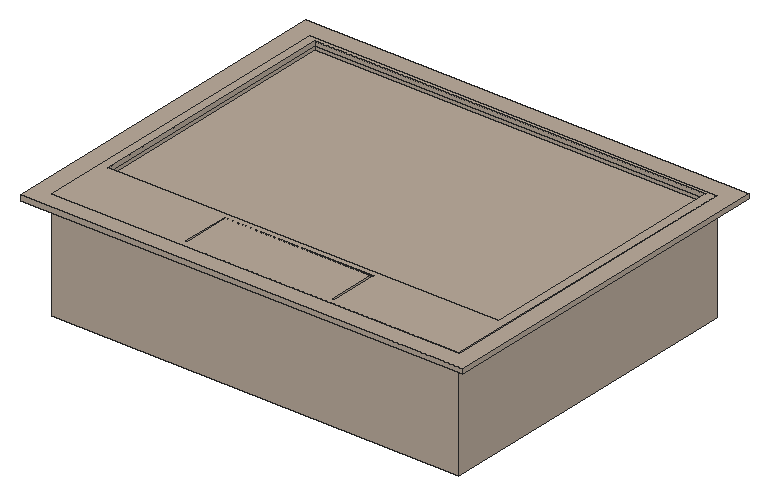
Revit family "Geräteeinsätze GES_Geräteeinsatz_GES6_mit_Rastschieber", category Generic Models, Revit 2015
Parameters (values of type "GES6-2U10T 1019")
  Width 2 = 199 mm
  Width = 274 mm
  URL = "http://www.obo-bettermann.com"
  Snur width = 90 mm
  Material = Plastic RAL 1019
  Manufacturer Art. No. = "7405323"
  Manufacturer = "OBO Bettermann"
  Inner cut2 = 16 mm
  Inner cut = 13 mm
  Height = 65 mm
  GTIN = "4012195883630"
  Article Type = "GES6-2U10T 1019"
Types (4, lengths in mm): name | Material | Manufacturer Art. No. | GTIN | Article Type
  (no name) | Plastic RAL 1019 | "7405323" | "4012195883630" | "GES6-2U10T 1019"
  GES6-2U10T 9011 | Plastic RAL 9011 | "7405322" | "4012195883623" | "GES6-2U10T 9011"
  GES6-2U10T 7011 | Plastic RAL 7011 | "7405321" | "4012195883616" | "GES6-2U10T 7011"
  GES6-2U10T 1019 | Plastic RAL 1019 | "7405323" | "4012195883630" | "GES6-2U10T 1019"
Reference planes
  plane 1 "Center (Front/Back)": y = 0
  plane 2: z = 0
  plane 3 "Center (Left/Right)": x = 0
  plane 4: z = -65
  plane 5: x = -137
  plane 6: x = 137
  plane 7: y = 110.5
  plane 8: y = -110.5
  plane 9: z = 3
  plane 10: y = 99.5
  plane 11: y = -99.5
  plane 12: x = -126
  plane 13: x = 126
  plane 14: y = -63
  plane 15: y = 97.5
  plane 16: x = -121
  plane 17: x = 121
  plane 18: z = -2
  plane 19: x = -124
  plane 20: x = 124
  plane 21: y = -83.5
  plane 22: y = 83.5
  plane 23: z = -9
  plane 24: x = -45
  plane 25: x = 45
  plane 26: y = -67.377
  plane 27: x = -46
  plane 28: y = -66
  plane 29: x = 46
  plane 30: y = -96
Forms (mm)
  Extrusion 1, solid, material "Plastic RAL 1019" <- "Material"
    sketch origin (0, 0, 0) x (1, 0, 0) y (0, 1, 0)
      loop
        line (-137, 110.5) -> (-137, -110.5) -> (137, -110.5) -> (137, 110.5) -> (-137, 110.5)
    from 3 to 0
  Extrusion 2, solid, material "Plastic RAL 1019" <- "Material"
    sketch origin (0, 0, 0) x (1, 0, 0) y (0, 1, 0)
      loop
        line (-126, 99.5) -> (-126, -99.5) -> (126, -99.5) -> (126, 99.5) -> (-126, 99.5)
    from -65 to 3
  Extrusion 3, void
    sketch origin (0, 0, 0) x (1, 0, 0) y (0, 1, 0)
      loop
        line (-121, 97.5) -> (-121, -63) -> (121, -63) -> (121, 97.5) -> (-121, 97.5)
    from -2 to 3
  Extrusion 4, void
    sketch origin (0, 0, 0) x (1, 0, 0) y (0, 1, 0)
      loop
        line (124, 83.5) -> (-124, 83.5) -> (-124, -83.5) -> (124, -83.5) -> (124, 83.5)
    from -65 to -9
  Extrusion 5, void
    sketch origin (0, 0, 0) x (1, 0, 0) y (0, 1, 0)
      loop
        line (-46, -66) -> (-46, -96) -> (-45, -96) -> (-45, -67.377) -> (45, -67.377) -> (45, -96) -> (46, -96) -> (46, -66) -> (-46, -66)
    from -9 to 3
Cuts and joins
  Extrusion 3, Extrusion 4, Extrusion 5 cuts Extrusion 1
  Extrusion 3, Extrusion 4, Extrusion 5 cuts Extrusion 2
Lines and regions (mm)
  model lines
    curve 1: line (-137, -110.5, 0) -> (-137, 110.5, 0)
    curve 2: line (-137, 110.5, 0) -> (137, 110.5, 0)
    curve 3: line (137, 110.5, 0) -> (137, -110.5, 0)
    curve 4: line (137, -110.5, 0) -> (-137, -110.5, 0)
    curve 5: line (-126, 99.5, 0) -> (126, 99.5, 0)
    curve 6: line (126, 99.5, 0) -> (126, -99.5, 0)
    curve 7: line (126, -99.5, 0) -> (-126, -99.5, 0)
    curve 8: line (-126, -99.5, 0) -> (-126, 99.5, 0)
    curve 9: line (-121, 97.5, 0) -> (121, 97.5, 0)
    curve 10: line (121, 97.5, 0) -> (121, -63, 0)
    curve 11: line (121, -63, 0) -> (-121, -63, 0)
    curve 12: line (-121, -63, 0) -> (-121, 97.5, 0)
    curve 13: line (-124, 83.5, 0) -> (-124, -83.5, 0)
    curve 14: line (-124, -83.5, 0) -> (124, -83.5, 0)
    curve 15: line (124, -83.5, 0) -> (124, 83.5, 0)
    curve 16: line (124, 83.5, 0) -> (-124, 83.5, 0)
    curve 17: line (-45, -96, 0) -> (-45, -67.377, 0)
    curve 18: line (-45, -67.377, 0) -> (45, -67.377, 0)
    curve 19: line (45, -67.377, 0) -> (45, -96, 0)
    curve 20: line (46, -96, 0) -> (46, -66, 0)
    curve 21: line (46, -66, 0) -> (-46, -66, 0)
    curve 22: line (-46, -66, 0) -> (-46, -96, 0)
    curve 23: line (-46, -96, 0) -> (-45, -96, 0)
    curve 24: line (45, -96, 0) -> (46, -96, 0)
    curve 25: line (7.2, -96, 0) -> (6.2, -96, 0)
Dimensions and locks
  "Height": plane 4 to level
  locked: level to plane 9 at 3
  locked: plane 18 to plane 9 at 5
  locked: plane 23 to plane 9 at 12
  equal spacing: plane 5, plane 3 "Center (Left/Right)", plane 6
  "Width": plane 5 to plane 6
  equal spacing: plane 7, plane 1 "Center (Front/Back)", plane 8
  locked: plane 7 to plane 8 at 221
  equal spacing: plane 12, plane 3 "Center (Left/Right)", plane 13
  locked: plane 12 to plane 13 at 252
  equal spacing: plane 10, plane 1 "Center (Front/Back)", plane 11
  "Width 2": plane 10 to plane 11
  locked: plane 12 to plane 19 at 2
  locked: plane 20 to plane 13 at 2
  "Inner cut2": plane 21 to plane 11
  "Inner cut2": plane 10 to plane 22
  "Inner cut": plane 7 to plane 15
  plane 14 to plane 8 = 47.5 mm
  "Inner cut2": plane 17 to plane 6
  "Inner cut2": plane 5 to plane 16
  "Snur width": plane 24 to plane 25
  locked: plane 27 to plane 24 at 1
  locked: plane 25 to plane 29 at 1
  locked: plane 28 to plane 26 at 1.377
  locked: plane 14 to plane 28 at 3
  locked: plane 28 to plane 30 at 30
  equal spacing: plane 24, plane 3 "Center (Left/Right)", plane 25
  aligned and locked: level to plane 2
  aligned and locked: curve 2 to plane 7
  aligned and locked: curve 3 to plane 6
  aligned and locked: plane 8 to curve 4
  aligned and locked: Extrusion 1 sketch curve to curve 2
  aligned and locked: Extrusion 1 sketch curve to curve 3
  aligned and locked: Extrusion 1 sketch curve to curve 4
  aligned and locked: Extrusion 1 sketch curve to curve 1
  aligned and locked: Extrusion 1 to plane 9
  aligned and locked: level to Extrusion 1
  aligned and locked: curve 5 to plane 10
  aligned and locked: curve 6 to plane 13
  aligned and locked: plane 11 to curve 7
  aligned and locked: plane 12 to curve 8
  aligned and locked: Extrusion 2 sketch curve to curve 5
  aligned and locked: Extrusion 2 sketch curve to curve 8
  aligned and locked: Extrusion 2 sketch curve to curve 6
  aligned and locked: Extrusion 2 sketch curve to curve 7
  aligned and locked: Extrusion 2 to plane 4
  aligned and locked: plane 9 to Extrusion 2
  aligned and locked: curve 9 to plane 15
  aligned and locked: curve 10 to plane 17
  aligned and locked: curve 11 to plane 14
  aligned and locked: plane 16 to curve 12
  aligned and locked: Extrusion 3 sketch curve to curve 9
  aligned and locked: Extrusion 3 sketch curve to curve 10
  aligned and locked: Extrusion 3 sketch curve to curve 11
  aligned and locked: Extrusion 3 sketch curve to curve 12
  aligned and locked: Extrusion 3 to plane 18
  aligned and locked: plane 9 to Extrusion 3
  aligned and locked: curve 13 to plane 19
  aligned and locked: curve 14 to plane 21
  aligned and locked: plane 20 to curve 15
  aligned and locked: curve 16 to plane 22
  aligned and locked: Extrusion 4 sketch curve to curve 16
  aligned and locked: Extrusion 4 sketch curve to curve 13
  aligned and locked: Extrusion 4 sketch curve to curve 14
  aligned and locked: Extrusion 4 sketch curve to curve 15
  aligned and locked: Extrusion 4 to plane 4
  aligned and locked: plane 23 to Extrusion 4
  aligned and locked: curve 17 to plane 24
  aligned and locked: curve 18 to plane 26
  aligned and locked: curve 19 to plane 25
  aligned and locked: plane 29 to curve 20
  aligned and locked: plane 28 to curve 21
  aligned and locked: curve 22 to plane 27
  aligned and locked: curve 23 to plane 30
  aligned and locked: curve 24 to plane 30
  aligned and locked: Extrusion 5 sketch curve to curve 22
  aligned and locked: Extrusion 5 sketch curve to curve 17
  aligned and locked: Extrusion 5 sketch curve to curve 23
  aligned and locked: Extrusion 5 sketch curve to curve 18
  aligned and locked: Extrusion 5 sketch curve to curve 21
  aligned and locked: Extrusion 5 sketch curve to curve 19
  aligned and locked: Extrusion 5 sketch curve to curve 20
  aligned and locked: Extrusion 5 sketch curve to curve 24
  aligned and locked: Extrusion 5 to cut or joined group of Extrusion 2, Extrusion 3, Extrusion 4, Extrusion 5
  aligned and locked: plane 9 to Extrusion 5
  aligned and locked: plane 30 to curve 25
Automatic sketch dimensions
  Extrusion 5 sketch curve to plane 27 = 0 mm
  curve 1 to plane 5 = 0 mm
  curve 13 to plane 19 = 0 mm
  plane 3 "Center (Left/Right)" to curve 25 = 6.2 mm
  curve 25 to curve 25 = 1 mm
